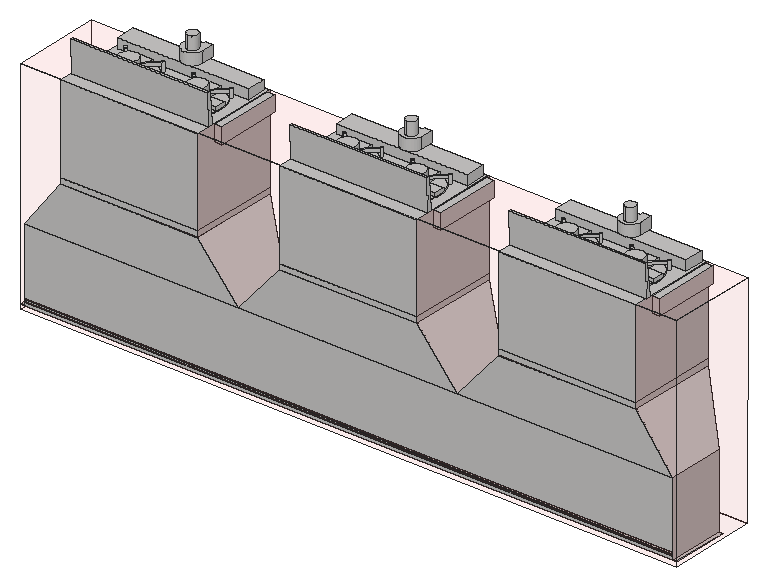
Revit family "Air-Curtain_Industrial_PoweredAire_Gas-Indirect-3Heater", category Mechanical Equipment, host Face, Revit 2024
Family settings
  Host = Face
  Round Connector Dimension = Use Diameter
  Part Type = Normal
  OmniClass Number = 23.75.35.17.21
  OmniClass Title = Air Curtains
  Cut with Voids When Loaded = No
  Maintain Annotation Orientation = No
  Shared = No
  Room Calculation Point = No
Parameters (values of type "22 ft Opening EHD 240'' Nozzle")
  topbracket [instance] = Unit Height = 1' 4 3/4"  # no
  Warranty Duration (Years) = 0
  Unit Width Notes = "Other Widths available."  # constant formula
  Unit Width = 20' - 3 3/8"
  Unit Weight = 2870
  Unit Height = 1' - 9"
  Unit Depth = 2' - 3 1/4"
  URL = "http://www.poweredaire.com/"
  Test Data = ""
  Standards Conformance = "AGA  ;  Made in USA"
  Specification = "http://www.arcat.com/sdspecs/htm04/23_34_33pai.htm"
  SpecWizard = ""
  Sound Pressure = ">71 dBA"
  Sales Information = "http://www.poweredaire.com/contact_us"
  Revision = "R1_2016-08"
  Projection from Host [instance] = 0' - 2"
  Product Properties = ""
  Product Data = "http://www.arcat.com/arcatcos/cos47/arc47623.html"
  Power Rating = 0 W
  Piping_Operating Pressure [instance] = 0.00 psi
  Pipe OD [instance] = 5/8"
  Overall Depth = 6' - 7 3/4"
  Nozzle Width = if(1 = 1, Unit Width - 0' 3", 0' 0")  # 20' - 0 3/8"
  Mounting Width = if(1 = 1, Unit Width - 0' 1 1/2", 0' 0")  # 20' - 1 7/8"
  Mounting Height [instance] = 3' - 6"
  Motor RPM = 1160
  Motor HP = 5
  Motor Count = 4
  Model = "EHD-4-240IG"
  Max Height = 22' - 0"
  Manufacturer Website = "http://www.poweredaire.com/"
  Manufacturer Phone - Toll Free = "888-321-2473"
  Manufacturer Phone = "724-588-3305"
  Manufacturer Fax = "724-588-3371"
  Manufacturer Address = "109 Mortensen Rd.  Greenville, PA 16125"
  Manufacturer = "Powered Aire, Inc"
  Maintenance Schedule (Months) = 0
  Keynote = "23 34 33"
  Installation-Fabrication = ""
  Installation Phase = ""
  Include Clearance [instance] = yes
  Heating Element Load = 0 W
  Heater Weight = 0
  Heater Hanging Width = 4' - 0 5/8"
  Heater Finish [instance] = Metal - Steel - PoweredAire - Stainless 304
  HVAC_Temperature Rise = 27 °F
  HVAC_Primary CFM = 0 CFM
  HVAC_Outlet Volume = 29100 CFM
  HVAC_Outlet Velocity Uniformity = 0.95
  HVAC_Outlet Velocity = 4400 FPM
  HVAC_Exit Temperature [instance] = 0 °F
  HVAC_BTU Output = 840000.0 Btu/h
  HVAC_BTU Input = 350000.0 Btu/h
  Green Building-LEED = "http://www.arcat.com/green/clients/leed_data_47623.html"
  Gas Connection Diameter [instance] = 0"
  Frame Finish [instance] = Metal - Steel - PoweredAire - Stainless 304
  Expected Lifespan (Years) = 0
  Exhaust Connection Diameter = 0' - 6"
  Electrical_Wattage [instance] = Power Rating + Heating Element Load  # 0 W
  Electrical_Voltage [instance] = 0 V
  Electrical_Phase [instance] = 1
  Electrical_Frequency [instance] = 0 Hz
  Electrical_Amperage [instance] = 0 A
  Drawn By = "Sumex Design, Inc. / Robert S. Weygant, CSI, CDT, SCIP"
  Description = "Powered Aire Indirect Gas Heated Industrial Air Curtain - EHD-4-240IG as Specified"
  Default Elevation = 0' - 0"  # constant formula
  Copyright = "©Arcat Inc."
  Construction Details = "http://www.arcat.com/details/powair/prod3336.html"
  Clearance_Top [instance] = 1' - 0"
  Clearance_Side B [instance] = 0' - 0"
  Clearance_Side A [instance] = 0' - 0"
  Clearance_Intake [instance] = 0' - 0"
  Clearance_Bottom [instance] = 0' - 0"
  Clearance Material [instance] = ARCAT Clearance
  Building Codes = ""
  Available Options [instance] = "as Specified"
  Assembly Code = "D3090400"
Types (5): name | Unit Width | Unit Weight | Sound Pressure | Nozzle Width | Mounting Width | Motor HP | Motor Count | Model | Max Height | HVAC_Temperature Rise | HVAC_Outlet Volume | HVAC_Outlet Velocity Uniformity | HVAC_Outlet Velocity | Description
  22 ft Opening EHD 240'' Nozzle | 20' - 3 3/8" | 2870 | ">71 dBA" | 20' - 0 3/8" | 20' - 1 7/8" | 5 | 4 | "EHD-4-240IG" | 22' - 0" | 27 °F | 29100 CFM | 0.95 | 4400 FPM | "Powered Aire Indirect Gas Heated Industrial Air Curtain - EHD-4-240IG as Specified"
  22 ft Opening EHD 228'' Nozzle | 19' - 3 3/8" | 2800 | ">71 dBA" | 19' - 0 3/8" | 19' - 1 7/8" | 5 | 4 | "EHD-4-228IG" | 22' - 0" | 27 °F | 28300 CFM | 0.94 | 4800 FPM | "Powered Aire Indirect Gas Heated Industrial Air Curtain - EHD-4-228IG as Specified"
  17 ft Opening TSD 240'' Nozzle 5 Motor | 20' - 3 1/2" | 2550 | ">69 dBA" | 20' - 0 1/2" | 20' - 2" | 3 | 5 | "TSD-5-240IG" | 17' - 0" | 34 °F | 25900 CFM | 0.951 | 3900 FPM | "Powered Aire Indirect Gas Heated Industrial Air Curtain - TSD-5-240IG as Specified"
  17 ft Opening TSD 240'' Nozzle 4 Motor | 20' - 3 3/8" | 2330 | ">69 dBA" | 20' - 0 3/8" | 20' - 1 7/8" | 3 | 4 | "TSD-4-240IG" | 17' - 0" | 38 °F | 21500 CFM | 0.863 | 3300 FPM | "Powered Aire Indirect Gas Heated Industrial Air Curtain - TSD-4-240IG as Specified"
  17 ft Opening TSD 228'' Nozzle | 19' - 3 3/8" | 2310 | ">69 dBA" | 19' - 0 3/8" | 19' - 1 7/8" | 3 | 4 | "TSD-4-228IG" | 17' - 0" | 40 °F | 20800 CFM | 0.863 | 3300 FPM | "Powered Aire Indirect Gas Heated Industrial Air Curtain - TSD-4-228IG as Specified"
Reference planes (in)
  plane 1 "Center (Elevation)": y = 0.13818
  plane 2: z = 0
  plane 3 "Center (Left/Right)": x = 0
  plane 4 "Top": y = 10.63818
  plane 5: y = -10.36182
  plane 6: x = -121.6875
  plane 7: x = 121.6875
  plane 8 "Front": z = 29.25
  plane 9 "FF": y = -41.86182
  plane 10: z = 2
  plane 11: x = 120.1875
  plane 12: x = -120.1875
  plane 13: y = 22.63818
  plane 14: y = -10.36182
  plane 15: x = -121.6875
  plane 16: x = 121.6875
  plane 17: z = 81.75
  plane 18: x = 120.125
  plane 19: x = -120.125
  plane 20: x = 120.1875
  plane 21: x = 120.1875
  plane 22: y = 8.13818
  plane 23: y = -7.86182
  plane 24: z = 81.75
  plane 25: z = 49.25
  plane 26: z = 47.25
  plane 27: x = -56.8125
  plane 28: x = -105.4375
  plane 29: x = -55.75
  plane 30: x = -106.5
  plane 31: x = 56.8125
  plane 32: x = 105.4375
  plane 33: x = 55.75
  plane 34: x = 106.5
  plane 35: x = -81.125
  plane 36: x = 81.125
  plane 37: x = -24.3125
  plane 38: x = 24.3125
  plane 39: x = -25.375
  plane 40: x = 25.375
  plane 41: x = -40.5625
  plane 42: x = 40.5625
Forms (in)
  Extrusion 1, solid, material "Metal - Steel - PoweredAire - Stainless 304" <- "Frame Finish"
    sketch origin (0, 0, 0) x (0, 1, 0) y (0, 0, 1)
      loop
        line (-10.36182, 2) -> (10.63818, 2) -> (10.63818, 29.25) -> (-10.36182, 29.25) -> (-10.36182, 2)
    from -120.1875 to 120.1875
  Extrusion 2, solid, material "ARCAT Clearance" <- "Clearance Material", visible <- "Include Clearance"
    sketch origin (0, 0, 0) x (0, 1, 0) y (0, 0, 1)
      loop
        line (-10.36182, 81.75) -> (-10.36182, 0) -> (22.63818, 0) -> (22.63818, 81.75) -> (-10.36182, 81.75)
    from -121.6875 to 121.6875
  Extrusion 3, solid, material "Metal - Steel - PoweredAire - Stainless 304" <- "Frame Finish"
    sketch origin (-15.17702, -180, 2) x (-1, 0, 0) y (0, -1, 0)
      loop
        line (-135.36452, -190.63818) -> (-135.36452, -169.63818) -> (-136.86452, -169.63818) -> (-136.86452, -190.63818) -> (-135.36452, -190.63818)
      loop
        line (105.01048, -190.63818) -> (106.51048, -190.63818) -> (106.51048, -169.63818) -> (105.01048, -169.63818) -> (105.01048, -190.63818)
    from 0 to 0.125
  Extrusion 4, solid, material "Metal - Steel - PoweredAire - Stainless 304" <- "Frame Finish", visible <- "topbracket"
    sketch origin (-11.83813, 10.63818, 48) x (-1, 0, 0) y (0, 0, 1)
      loop
        line (-132.02563, -45.5) -> (-132.02563, -42.75) -> (-133.52563, -42.75) -> (-133.52563, -45.5) -> (-132.02563, -45.5)
      loop
        line (-132.02563, -21.5) -> (-132.02563, -18.75) -> (-133.52563, -18.75) -> (-133.52563, -21.5) -> (-132.02563, -21.5)
      loop
        line (108.34937, -45.5) -> (109.84937, -45.5) -> (109.84937, -42.75) -> (108.34937, -42.75) -> (108.34937, -45.5)
      loop
        line (108.34937, -21.5) -> (109.84937, -21.5) -> (109.84937, -18.75) -> (108.34937, -18.75) -> (108.34937, -21.5)
    from 0 to -0.125
  Extrusion 5, void
    sketch origin (0, 0, 0) x (0, 1, 0) y (0, 0, 1)
      loop
        line (-10.36182, 3) -> (-9.36182, 3) -> (-9.36182, 4.5) -> (-10.36182, 4.5) -> (-10.36182, 3.82425) -> (-9.50864, 3.82425) -> (-9.50864, 3.57425) -> (-10.36182, 3.57425) -> (-10.36182, 3)
    from -120.125 to 120.125
  Blend 6, solid, material "Metal - Steel - PoweredAire - Stainless 304" <- "Frame Finish"
    base sketch origin (-15.17702, -180, 29.25) x (-1, 0, 0) y (0, -1, 0)
      loop
        line (105.01048, -190.63818) -> (105.01048, -169.63818) -> (25.38548, -169.63818) -> (25.38548, -190.63818) -> (105.01048, -190.63818)
    top sketch origin (-15.17702, -180, 29.25) x (-1, 0, 0) y (0, -1, 0)
      loop
        line (40.57298, -169.63818) -> (40.57298, -202.63818) -> (91.32298, -202.63818) -> (91.32298, -169.63818) -> (40.57298, -169.63818)
    from 0 to 18
  Blend 7, solid, material "Metal - Steel - PoweredAire - Stainless 304" <- "Frame Finish"
    base sketch origin (15.17702, -180, 29.25) x (1, 0, 0) y (0, 1, 0)
      loop
        line (105.01048, 190.63818) -> (25.38548, 190.63818) -> (25.38548, 169.63818) -> (105.01048, 169.63818) -> (105.01048, 190.63818)
    top sketch origin (15.17702, -180, 29.25) x (1, 0, 0) y (0, 1, 0)
      loop
        line (91.32298, 169.63818) -> (91.32298, 202.63818) -> (40.57298, 202.63818) -> (40.57298, 169.63818) -> (91.32298, 169.63818)
    from 0 to 18
  Blend 8, solid, material "Metal - Steel - PoweredAire - Stainless 304" <- "Frame Finish"
    base sketch origin (-61.94798, -180, 29.25) x (1, 0, 0) y (0, 1, 0)
      loop
        line (102.51048, 190.63818) -> (21.38548, 190.63818) -> (21.38548, 169.63818) -> (102.51048, 169.63818) -> (102.51048, 190.63818)
    top sketch origin (-61.94798, -180, 29.25) x (1, 0, 0) y (0, 1, 0)
      loop
        line (36.57298, 169.63818) -> (87.32298, 169.63818) -> (87.32298, 202.63818) -> (36.57298, 202.63818) -> (36.57298, 169.63818)
    from 0 to 18
Cuts and joins
  Extrusion 5 cuts Extrusion 1
Dimensions and locks (in)
  equal spacing: plane 4 "Top", plane 1 "Center (Elevation)", plane 5
  "Unit Height": plane 4 "Top" to plane 5
  "Unit Width": plane 6 to plane 7
  "Mounting Height": plane 1 "Center (Elevation)" to plane 9 "FF"
  "Projection from Host": plane 10 to level
  "Unit Depth": plane 8 "Front" to plane 10
  locked: plane 6 to plane 12 at 1.5
  locked: plane 11 to plane 7 at 1.5
  "Clearance_Side A": plane 7 to plane 16
  "Clearance_Side B": plane 15 to plane 6
  "Clearance_Top": plane 13 to plane 4 "Top"
  "Clearance_Bottom": plane 5 to plane 14
  "Clearance_Intake": plane 17 to plane 24
  Extrusion 5 sketch curve to Extrusion 5 sketch curve to Extrusion 5 sketch curve to Extrusion 5 sketch curve to plane 10 = 0' - 0.67575" locked, 0' - 0 1/4" locked, 0' - 0.57425" locked, 0' - 1" locked
  plane 5 to Extrusion 5 sketch curve to Extrusion 5 sketch curve = 0' - 0.85319" locked, 0' - 0.14681" locked
  locked: plane 19 to plane 12 at 0.0625
  locked: plane 11 to plane 18 at 0.0625
  locked: plane 20 to plane 11
  locked: plane 21 to plane 11
  locked: plane 4 "Top" to plane 22 at 2.5
  locked: plane 23 to plane 5 at 2.5
  "Overall Depth": plane 24 to plane 10
  locked: plane 25 to plane 26 at 2
  locked: plane 24 to plane 25 at 32.5
  locked: Blend 6 sketch curve to plane 5 at 33
  Extrusion 4 sketch curve to Extrusion 4 sketch curve to plane 10 = 0' - 2 3/4" locked, 0' - 0 1/2" locked  (x2)
  plane 8 "Front" to Extrusion 4 sketch curve to Extrusion 4 sketch curve = 0' - 0" locked, 0' - 2 3/4" locked  (x2)
  locked: plane 30 to plane 28 at 1.0625
  locked: plane 27 to plane 29 at 1.0625
  locked: plane 32 to plane 34 at 1.0625
  locked: plane 33 to plane 31 at 1.0625
  "Heater Hanging Width": plane 28 to plane 27
  equal spacing: plane 31, plane 36, plane 32
  "Heater Hanging Width": plane 31 to plane 32
  locked: Blend 7 sketch curve to plane 5 at 33
  locked: plane 38 to plane 40 at 1.0625
  locked: plane 39 to plane 37 at 1.0625
  equal spacing: plane 37, plane 3 "Center (Left/Right)", plane 38
  "Heater Hanging Width": plane 37 to plane 38
  equal spacing: plane 28, plane 35, plane 27
  equal spacing: plane 6, plane 35, plane 41, plane 3 "Center (Left/Right)", plane 42, plane 36, plane 7
  locked: Blend 8 sketch curve to plane 5 at 33
  aligned and locked: plane 2 to host face
  aligned and locked: level to host face
  aligned and locked: Extrusion 2 sketch curve to plane 17
  aligned and locked: plane 14 to Extrusion 2 sketch curve
  aligned and locked: level to Extrusion 2 sketch curve
  aligned and locked: Extrusion 2 sketch curve to plane 13
  aligned and locked: plane 16 to Extrusion 2
  aligned and locked: Extrusion 2 to plane 15
  aligned and locked: plane 11 to Extrusion 1
  aligned and locked: Extrusion 1 to plane 12
  aligned and locked: Extrusion 1 sketch curve to plane 8 "Front"
  aligned and locked: plane 24 to nested 1
  aligned and locked: plane 5 to Blend 6 sketch curve
  aligned and locked: plane 12 to Blend 6 sketch curve
  aligned and locked: Blend 6 sketch curve to plane 4 "Top"
  aligned and locked: Blend 6 sketch curve to plane 5
  aligned and locked: plane 26 to Blend 6
  aligned and locked: plane 35 to nested 1
  aligned and locked: plane 36 to nested 2
  aligned and locked: nested 2 to plane 24
  aligned and locked: plane 5 to Blend 7 sketch curve
  aligned and locked: plane 11 to Blend 7 sketch curve
  aligned and locked: Blend 7 sketch curve to plane 4 "Top"
  aligned and locked: plane 33 to Blend 7 sketch curve
  aligned and locked: Blend 7 sketch curve to plane 5
  aligned and locked: Blend 7 sketch curve to plane 34
  aligned and locked: plane 18 to cut or joined group of Extrusion 1, Extrusion 5
  aligned and locked: cut or joined group of Extrusion 1, Extrusion 5 to plane 19
  aligned and locked: plane 3 "Center (Left/Right)" to nested 3
  aligned and locked: plane 24 to nested 3
  aligned and locked: Blend 6 sketch curve to plane 41
  aligned and locked: Blend 7 sketch curve to plane 42
  aligned and locked: plane 30 to Blend 6 sketch curve
  aligned and locked: Blend 6 sketch curve to plane 29
  aligned and locked: Blend 8 sketch curve to plane 41
  aligned and locked: plane 42 to Blend 8 sketch curve
  aligned and locked: Blend 8 sketch curve to plane 5
  aligned and locked: Blend 8 sketch curve to plane 4 "Top"
  aligned and locked: Blend 8 sketch curve to plane 39
  aligned and locked: plane 40 to Blend 8 sketch curve
  aligned and locked: plane 26 to Blend 8
Automatic sketch dimensions
  host sketch curve to host sketch curve = 8' - 0"  (x2)
  Extrusion 1 sketch curve to plane 5 = 0' - 0"
  Extrusion 1 sketch curve to plane 4 "Top" = 0' - 0"
  Extrusion 1 sketch curve to plane 10 = 0' - 0"
  plane 4 "Top" to Extrusion 3 sketch curve = 0' - 0"
  Extrusion 3 sketch curve to plane 7 = 0' - 0"
  plane 5 to Extrusion 3 sketch curve = 0' - 0"
  Extrusion 3 sketch curve to plane 11 = 0' - 0"
  Extrusion 3 sketch curve to plane 4 "Top" = 0' - 0"
  Extrusion 3 sketch curve to plane 12 = 0' - 0"
  Extrusion 3 sketch curve to plane 6 = 0' - 0"
  Extrusion 3 sketch curve to plane 5 = 0' - 0"
  Extrusion 4 sketch curve to plane 7 = 0' - 0"  (x2)
  Extrusion 4 sketch curve to plane 11 = 0' - 0"  (x2)
  Extrusion 4 sketch curve to plane 12 = 0' - 0"  (x2)
  Extrusion 4 sketch curve to plane 6 = 0' - 0"  (x2)
  Extrusion 5 sketch curve to plane 5 = 0' - 0"  (x2)
  Blend 8 sketch curve to plane 5 = 0' - 0"
Nested families (in)
  nested 1: "Heater" at (-81.125, -10.36182, 49.2987) x (1, 0, 0) z (0, 1, 0), finish <- "Heater Finish", burner width <- "Heater Hanging Width", type "Heater"
    with finish Metal - Steel - PoweredAire - Stainless 304, burner width 4' - 0 5/8", Two Fan yes, One Fan no
  nested 2: "Heater" at (81.125, -10.36182, 49.2987) x (1, 0, 0) z (0, 1, 0), finish <- "Heater Finish", burner width <- "Heater Hanging Width", type "Heater"
    with finish Metal - Steel - PoweredAire - Stainless 304, burner width 4' - 0 5/8", Two Fan yes, One Fan no
  nested 3: "Heater" at (0, -10.36182, 49.2987) x (1, 0, 0) z (0, 1, 0), finish <- "Heater Finish", burner width <- "Heater Hanging Width", type "Heater"
    with finish Metal - Steel - PoweredAire - Stainless 304, burner width 4' - 0 5/8", Two Fan yes, One Fan no
Connectors (in)
  electrical at (-120.1875, 0.13818, 15.625), driven by "Electrical_Voltage", driven by "Electrical_Phase"
    settings: on cut or joined group of Extrusion 1, Extrusion 5, index 3, voltage 0 V, apparent load 0 VA, apparent load phase1 0 VA, apparent load phase2 0 VA, apparent load phase3 0 VA, power factor 1, load classification "Motor", number of poles 1, system type 31, power factor state 1, is connector primary yes, connector utility no, sub classification motor no, connector description ""
  hvac at (-78.125, 22.63818, 87.40625), driven by "Exhaust Connection Diameter", driven by "HVAC_Primary CFM"
    settings: on nested 1, index 4, duct flow 0 CFM, flow factor 0, pres drop 0.00 in-wg, loss coef 0, conn angle 0.00°, conn width 12", conn height 12", conn diameter 6", duct sys type 3, conn prof type 0, flow config 0, flow direction 2, loss method 0, conn ref index -1, conn util no, is conn primary yes, conn desc ""
  hvac at (84.125, 22.63818, 87.40625), driven by "HVAC_Primary CFM", driven by "Exhaust Connection Diameter"
    settings: on nested 2, index 5, duct flow 0 CFM, flow factor 0, pres drop 0.00 in-wg, loss coef 0, conn angle 0.00°, conn width 12", conn height 12", conn diameter 6", duct sys type 3, conn prof type 0, flow config 0, flow direction 2, loss method 0, conn ref index -1, conn util no, is conn primary no, conn desc ""
  hvac at (3, 22.63818, 87.40625), driven by "HVAC_Primary CFM", driven by "Exhaust Connection Diameter"
    settings: on nested 3, index 6, duct flow 0 CFM, flow factor 0, pres drop 0.00 in-wg, loss coef 0, conn angle 0.00°, conn width 12", conn height 12", conn diameter 6", duct sys type 3, conn prof type 0, flow config 0, flow direction 2, loss method 0, conn ref index -1, conn util no, is conn primary no, conn desc ""
Definition of nested family "Heater"
  Parameters
    finish [instance] = none
    burner width [instance] = 4' - 0 5/8"
    burner depth = 3' - 8 3/4"
    Two Fan [instance] = burner width > 4' 0"  # yes
    One Fan [instance] = burner width < 4' 0"  # no
    Default Elevation = 0' - 0"  # constant formula
  Reference planes (in)
    plane 1 "Center (Front/Back)": y = 0
    plane 2: z = 0
    plane 3 "Center (Left/Right)": x = 0
    plane 4: x = -25.375
    plane 5: x = 25.375
    plane 6: z = 33
    plane 7: y = -44.75
    plane 8: x = 3
    plane 9: x = 4.375
    plane 10: x = -12.6875
    plane 11: x = 12.6875
    plane 12: z = 15.5
    plane 13: x = -24.3125
    plane 14: x = 24.3125
  Forms (in)
    Extrusion 1, solid, material <- "finish"
      sketch origin (-74.94554, -3, 38.65968) x (0, 0, 1) y (1, 0, 0)
        loop
          line (-5.65968, 49.57054) -> (-5.65968, 100.32054) -> (-38.65968, 100.32054) -> (-38.65968, 49.57054) -> (-5.65968, 49.57054)
      from 3 to -29.4513
    Extrusion 2, solid, material <- "finish"
      sketch origin (0, 0, 0) x (0, 1, 0) y (0, 0, 1)
        loop
          line (2, 0) -> (2, 33) -> (0, 33) -> (0, 0) -> (2, 0)
      from -25.375 to 25.375
    Extrusion 3, solid, material <- "finish"
      sketch origin (-74.94554, -32.4513, 38.65968) x (0, 0, 1) y (1, 0, 0)
        loop
          line (-6.91591, 50.82971) -> (-6.91591, 99.10844) -> (-13.91591, 99.10844) -> (-13.91591, 50.82971) -> (-6.91591, 50.82971)
      from 0 to -3.625
    Extrusion 4, solid, material <- "finish"
      sketch origin (-74.94554, -36.0763, 38.65968) x (0, 0, 1) y (1, 0, 0)
        loop
          arc (-10.4052, 79.32054) -> (-12.67312, 72.60509) -> (-6.79809, 76.57054) r 3.74068
          line (-6.79809, 76.57054) -> (-5.65968, 76.57054) -> (-5.65968, 79.32054) -> (-10.4052, 79.32054)
      from 0 to -4.0625
    Extrusion 5, solid, material <- "finish"
      sketch origin (-73.58006, -40.1388, 35.52564) x (0, 0, -1) y (1, 0, 0)
        loop
          circle (7.27116, 74.21438) r 2
      from 4.6112 to 0
    Extrusion 6, solid, material <- "finish"
      sketch origin (0, 0, 0) x (1, 0, 0) y (0, 1, 0)
        loop
          line (28.3125, -32.4513) -> (28.3125, -26.7013) -> (25.3125, -26.7013) -> (25.3125, -32.4513) -> (28.3125, -32.4513)
      from 7.25 to 31.75
    Extrusion 7, solid, material <- "finish", visible <- "Two Fan"
      sketch origin (0, 0, 0) x (0, 1, 0) y (0, 0, 1)
        loop
          line (-32.4513, 6.22268) -> (-44.15658, 5.1986) -> (-44.15658, 4.4486) -> (-32.4513, 4.85736) -> (-32.4513, 6.22268)
      from -25.375 to 25.375
  Dimensions and locks (in)
    locked: Extrusion 4 sketch curve to Extrusion 4 sketch curve at 2.75
    "burner width": plane 13 to plane 14
    locked: plane 6 to level at 33
    "burner depth": plane 7 to plane 1 "Center (Front/Back)"
    locked: plane 8 to plane 9 at 1.375
    Extrusion 4 sketch curve to Extrusion 4 sketch curve to plane 8 = 0' - 0.99068" locked, 0' - 1 3/8" locked
    locked: Extrusion 5 sketch curve to plane 8 at 2.36568
    locked: plane 8 to plane 3 "Center (Left/Right)" at 3
    Extrusion 6 sketch curve to plane 5 to Extrusion 6 sketch curve = 0' - 0 1/16" locked, 0' - 2 15/16" locked
    equal spacing: plane 5, plane 11, plane 3 "Center (Left/Right)", plane 10, plane 4
    locked: plane 4 to plane 13 at 1.0625
    locked: plane 14 to plane 5 at 1.0625
    aligned and locked: plane 2 to level
    aligned: Extrusion 4 to Extrusion 5
    aligned: Extrusion 3 to Extrusion 2  (x2)
    aligned and locked: plane 7 to Extrusion 5
    aligned and locked: plane 4 to Extrusion 1 sketch curve
    aligned and locked: Extrusion 1 sketch curve to plane 5
    aligned and locked: Extrusion 7 to plane 4
    aligned and locked: plane 5 to Extrusion 7
    aligned and locked: plane 12 to nested 1
    aligned and locked: plane 3 "Center (Left/Right)" to nested 1
    aligned and locked: plane 12 to nested 3
    aligned and locked: plane 11 to nested 3
    aligned and locked: plane 10 to nested 2
    aligned and locked: plane 12 to nested 2
    aligned and locked: plane 5 to Extrusion 2
    aligned and locked: Extrusion 2 to plane 4
  Automatic sketch dimensions
    Extrusion 1 to Extrusion 3 sketch curve = 0' - 1.25917"
    Extrusion 1 to Extrusion 3 sketch curve = 0' - 8.25624"
    Extrusion 1 to Extrusion 3 sketch curve = 0' - 1.2121"
    Extrusion 1 to Extrusion 3 sketch curve = 0' - 1.25624"
    Extrusion 4 sketch curve to Extrusion 3 = 0' - 0.11782"
    Extrusion 4 sketch curve to Extrusion 3 = 0' - 1.25624"
    Extrusion 5 sketch curve to Extrusion 4 = 0' - 4.74552"
    Extrusion 1 sketch curve to level = 0' - 0"
    Extrusion 1 sketch curve to plane 6 = 0' - 0"
    Extrusion 2 sketch curve to level = 0' - 0"
    Extrusion 2 sketch curve to plane 1 "Center (Front/Back)" = 0' - 0"
    Extrusion 2 sketch curve to plane 6 = 0' - 0"
    Extrusion 2 sketch curve to Extrusion 2 sketch curve = 0' - 2"
    Extrusion 6 sketch curve to plane 7 = 1' - 0.2987"
    Extrusion 6 sketch curve to Extrusion 6 sketch curve = 0' - 5 3/4"
    Extrusion 7 sketch curve to plane 7 = 0' - 0.59342"
    level to Extrusion 7 sketch curve = 0' - 4.4486"
    Extrusion 7 sketch curve to Extrusion 7 sketch curve = 0' - 0 3/4"
    level to Extrusion 7 sketch curve = 0' - 4.85736"
    Extrusion 7 sketch curve to Extrusion 7 sketch curve = 0' - 11.70529"
    Extrusion 7 sketch curve to Extrusion 7 sketch curve = 0' - 1.36532"
    radius of Extrusion 5 sketch curve = 0' - 2"
  Nested families (in)
    nested 1: "FanControls" at (0, -32.4513, 15.5) x (1, 0, 0) z (0, -1, 0), finish <- "finish", visible <- "One Fan", type "FanControls"
      with finish none
    nested 2: "FanControls" at (-12.6875, -32.4513, 15.5) x (1, 0, 0) z (0, -1, 0), finish <- "finish", visible <- "Two Fan", type "FanControls"
      with finish none
    nested 3: "FanControls" at (12.6875, -32.4513, 15.5) x (1, 0, 0) z (0, -1, 0), finish <- "finish", visible <- "Two Fan", type "FanControls"
      with finish none
  Definition of nested family "FanControls"
    Parameters
      finish [instance] = none
      Default Elevation = 4' - 0"
    Reference planes (in)
      plane 1 "Center (Front/Back)": y = 0
      plane 2: z = 0
      plane 3 "Center (Left/Right)": x = 0
    Forms (in)
      Extrusion 1, solid, material <- "finish"
        sketch origin (-75.00804, 32.07233, 0) x (1, 0, 0) y (0, -1, 0)
          loop
            circle (75.00804, 32.07233) r 3.25
        from -5.33075 to 0
      Extrusion 2, solid, material <- "finish"
        sketch origin (24.44581, -78.06044, 0) x (1, 0, 0) y (0, -1, 0)
          loop
            line (-22.50831, -86.58776) -> (-22.50831, -81.58776) -> (-26.50831, -81.58776) -> (-26.50831, -86.58776) -> (-22.50831, -86.58776)
          loop
            line (-22.50831, -69.53312) -> (-26.50831, -69.53312) -> (-26.50831, -74.53312) -> (-22.50831, -74.53312) -> (-22.50831, -69.53312)
          loop
            line (-15.98099, -76.06044) -> (-20.98099, -76.06044) -> (-20.98099, -80.06044) -> (-15.98099, -80.06044) -> (-15.98099, -76.06044)
          loop
            line (-33.03563, -76.06044) -> (-33.03563, -80.06044) -> (-28.03563, -80.06044) -> (-28.03563, -76.06044) -> (-33.03563, -76.06044)
        from 0 to -1.37288
      Extrusion 3, solid, material <- "finish"
        sketch origin (-75.00804, 21.40968, 0) x (1, 0, 0) y (0, -1, 0)
          loop
            line (68.02536, 14.95733) -> (68.55569, 14.427) -> (75.00804, 20.87935) -> (81.46039, 14.427) -> (81.99072, 14.95733) -> (75.53837, 21.40968) -> (81.99072, 27.86203) -> (81.46039, 28.39236) -> (75.00804, 21.94001) -> (68.55569, 28.39236) -> (68.02536, 27.86203) -> (74.47771, 21.40968) -> (68.02536, 14.95733)
        from -3.1123 to -2
      Extrusion 4, solid, material <- "finish"
        sketch origin (-75.00804, 21.40968, 0) x (1, 0, 0) y (0, -1, 0)
          loop
            line (68.02536, 13.89667) -> (68.55569, 14.427) -> (68.02536, 14.95733) -> (67.49503, 14.427) -> (68.02536, 13.89667)
          loop
            line (82.52105, 14.427) -> (81.99072, 14.95733) -> (81.46039, 14.427) -> (81.99072, 13.89667) -> (82.52105, 14.427)
          loop
            line (81.99072, 28.92269) -> (81.46039, 28.39236) -> (81.99072, 27.86203) -> (82.52105, 28.39236) -> (81.99072, 28.92269)
          loop
            line (67.49503, 28.39236) -> (68.02536, 27.86203) -> (68.55569, 28.39236) -> (68.02536, 28.92269) -> (67.49503, 28.39236)
        from 0 to -3.1123
      Extrusion 5, solid, material <- "finish"
        sketch origin (0, 0, 0) x (1, 0, 0) y (0, 1, 0)
          loop
            circle (0, 0) r 9
        from 0 to 0.14961
    Dimensions and locks (in)
      Extrusion 4 sketch curve to Extrusion 4 sketch curve to Extrusion 4 sketch curve to Extrusion 4 sketch curve = 0' - 0.53033" locked, 0' - 0" locked, 0' - 0.53033" locked  (x4)
      Extrusion 3 sketch curve to Extrusion 3 sketch curve to Extrusion 3 sketch curve to Extrusion 3 sketch curve to Extrusion 3 sketch curve = 0' - 5.92202" locked, 0' - 0" locked, 0' - 0.53033" locked, 0' - 0" locked
      Extrusion 3 sketch curve to Extrusion 3 sketch curve to Extrusion 3 sketch curve to Extrusion 3 sketch curve to Extrusion 3 sketch curve = 0' - 0" locked, 0' - 0.53033" locked, 0' - 0" locked, 0' - 5.92202" locked
      locked: Extrusion 2 sketch curve to Extrusion 2 sketch curve at 5  (x2)
      aligned and locked: plane 2 to level
